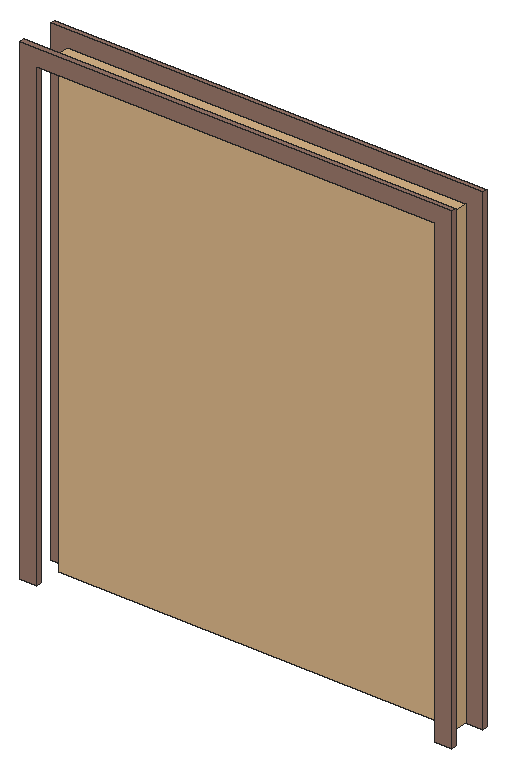
Revit family
Parameters (values of type "1830 x 2134mm")
  Thickness = 51.00 mm
  문 재료 = 문 - 패널
  프레임 재료 = 문 - 프레임
  Height = 2134.00 mm
  자르기 투영 외부 = 25.00 mm
  자르기 투영 내부 = 25.00 mm
  자르기 폭 외부 = 76.00 mm
  자르기 폭 내부 = 76.00 mm
  Wall Closure = (empty or 0)
  Width = 1830.00 mm
Types (5, lengths in mm): name | Height | Width
  1830 x 1981mm | 1981.00 | 1830.00
  1830 x 2083mm | 2083.00 | 1830.00
  1730 x 2032mm | 2032.00 | 1730.00
  1730 x 2134mm | 2134.00 | 1730.00
  1830 x 2134mm | 2134.00 | 1830.00
Reference planes
  plane 1: y = 0
  plane 2: z = 0
  plane 3 "중심": x = 0
  plane 4 "왼쪽": x = -915
  plane 5 "오른쪽": x = 915
  plane 6 "상단": z = 2134
Forms (mm)
  Extrusion 1, solid, material "문 - 프레임" <- "프레임 재료"
    sketch origin (-2286, -76.2, 0) x (1, 0, 0) y (0, 0, 1)
      loop
        line (1371, 0) -> (1371, 2134) -> (3201, 2134) -> (3201, 0) -> (3277, 0) -> (3277, 2210) -> (1295, 2210) -> (1295, 0) -> (1371, 0)
    from 0 to 25
  Extrusion 2, solid, material "문 - 패널" <- "문 재료"
    sketch origin (-2286, 177.8, 0) x (-1, 0, 0) y (0, 0, 1)
      loop
        line (-3201, 2134) -> (-3201, 0) -> (-1371, 0) -> (-1371, 2134) -> (-3201, 2134)
    from -152.6 to -101.6
  Extrusion 3, solid, material "문 - 프레임" <- "프레임 재료"
    sketch origin (-1524, 76.2, 0) x (-1, 0, 0) y (0, 0, 1)
      loop
        line (-2515, 2210) -> (-2515, 0) -> (-2439, 0) -> (-2439, 2134) -> (-609, 2134) -> (-609, 0) -> (-533, 0) -> (-533, 2210) -> (-2515, 2210)
    from 0.4 to 25.4
Lines and regions (mm)
  Opening 1
    outline origin (-2286, -76.2, 0) x (1, 0, 0) y (0, 0, 1)
      loop
        line (1371, 0) -> (3201, 0) -> (3201, 2134) -> (1371, 2134) -> (1371, 0)
  symbolic lines, style "DoorsPanelProjection"
    curve 1: line (-915, 76.2, 0) -> (-864, 76.2, 0)
    curve 2: line (-915, 76.2, 0) -> (-915, 991.2, 0)
    curve 3: line (-915, 991.2, 0) -> (-864, 991.2, 0)
    curve 4: line (-864, 76.2, 0) -> (-864, 991.2, 0)
    curve 5: line (915, 76.2, 0) -> (864, 76.2, 0)
    curve 6: line (915, 76.2, 0) -> (915, 991.2, 0)
    curve 7: line (864, 991.2, 0) -> (915, 991.2, 0)
    curve 8: line (864, 76.2, 0) -> (864, 991.2, 0)
  symbolic lines, style "파선"
    curve 9: line (-915, 25.2, 0) -> (-864, 25.2, 0)
    curve 10: line (-915, 25.2, 0) -> (-915, -889.8, 0)
    curve 11: line (-915, -889.8, 0) -> (-864, -889.8, 0)
    curve 12: line (-864, 25.2, 0) -> (-864, -889.8, 0)
    curve 13: line (915, 25.2, 0) -> (864, 25.2, 0)
    curve 14: line (915, 25.2, 0) -> (915, -889.8, 0)
    curve 15: line (915, -889.8, 0) -> (864, -889.8, 0)
    curve 16: line (864, 25.2, 0) -> (864, -889.8, 0)
    curve 21: arc (0, 25.2, 0) -> (267.997, -621.803, 0) -> (915, -889.8, 0) r 915
    curve 22: arc (0, 25.2, 0) -> (-267.997, -621.803, 0) -> (-915, -889.8, 0) r 915
  model lines, style "DoorsPanelProjection"
    curve 17: line (0, 76.2, 2134) -> (0, 76.2, 0)
    curve 18: line (0, 25.2, 2134) -> (0, 25.2, 0)
  symbolic lines, style "평면 스윙"
    curve 19: arc (0, 76.2, 0) -> (-267.997, 723.203, 0) -> (-915, 991.2, 0) r 915
    curve 20: arc (-0.353, 101.608, 0) -> (276.545, 732.623, 0) -> (915, 991.905, 0) r 915.705
  symbolic lines, style "입면도 스윙"
    curve 23: line (0, 0, 2134) -> (-915, 0, 1067)
    curve 24: line (-915, 0, 1067) -> (0, 0, 0)
    curve 25: line (0, 0, 2134) -> (915, 0, 1067)
    curve 26: line (0, 0, 0) -> (915, 0, 1067)
Text (mm)
  text "외부" at (-1503.219, 489.573, 0), in view "바닥 선"
  text "내부" at (-1503.219, -382.005, 0), in view "바닥 선"
  text "외부" at (0, 1019.848, 3124.603), in view "오른쪽"
  text "내부" at (0, -1635.541, 3124.603), in view "오른쪽"
  text "내부" at (0, -787.806, 3124.376), in view "왼쪽"
  text "외부" at (0, 1386.095, 3124.376), in view "왼쪽"
Dimensions and locks
  equal spacing: plane 4 "왼쪽", plane 3 "중심", plane 5 "오른쪽"
  "Height": plane 2 to plane 6 "상단"
  "자르기 폭 내부": Extrusion 1 sketch curve to plane 4 "왼쪽"
  "자르기 폭 내부": Extrusion 1 sketch curve to plane 5 "오른쪽"
  "자르기 폭 내부": Extrusion 1 sketch curve to plane 6 "상단"
  "자르기 투영 내부": Extrusion 1 to host wall
  "Thickness": curve 4 to curve 2
  "Thickness": curve 6 to curve 8
  "Thickness": Extrusion 2 to Extrusion 2
  "자르기 투영 외부": Extrusion 3 to Extrusion 3
  "자르기 폭 외부": plane 5 "오른쪽" to Extrusion 3 sketch curve
  "자르기 폭 외부": Extrusion 3 sketch curve to plane 4 "왼쪽"
  "자르기 폭 외부": plane 6 "상단" to Extrusion 3 sketch curve
  "Width": plane 4 "왼쪽" to plane 5 "오른쪽"
  equal spacing: level, curve 24, plane 6 "상단"
  equal spacing: level, curve 26, plane 6 "상단"
  aligned and locked: plane 4 "왼쪽" to Opening 1 sketch curve
  aligned and locked: plane 6 "상단" to Opening 1 sketch curve  (x2)
  aligned and locked: Opening 1 sketch curve to plane 5 "오른쪽"
  aligned and locked: Opening 1 sketch curve to level
  aligned and locked: plane 4 "왼쪽" to Extrusion 1 sketch curve
  aligned and locked: plane 6 "상단" to Extrusion 1 sketch curve  (x2)
  aligned and locked: plane 5 "오른쪽" to Extrusion 1 sketch curve  (x2)
  aligned and locked: level to Extrusion 1 sketch curve
  aligned and locked: Extrusion 1 sketch curve to level
  aligned and locked: plane 2 to Extrusion 1 sketch curve
  aligned and locked: Extrusion 1 to host wall
  aligned and locked: Extrusion 2 sketch curve to plane 4 "왼쪽"
  aligned and locked: curve 18 to curve 17
  aligned and locked: host wall to Extrusion 2
  aligned and locked: curve 5 to curve 16
  aligned and locked: host wall to curve 5
  aligned and locked: curve 1 to host wall
  aligned and locked: curve 1 to curve 12
  aligned and locked: curve 9 to Extrusion 2
  aligned and locked: curve 13 to Extrusion 2
  aligned and locked: curve 21 to Extrusion 2
Automatic sketch dimensions
  Extrusion 2 sketch curve to plane 6 "상단" = 0.00 mm
  Extrusion 2 sketch curve to level = 0.00 mm
  Extrusion 2 sketch curve to plane 5 "오른쪽" = 0.00 mm
  Extrusion 3 sketch curve to level = 0.00 mm  (x2)
  Extrusion 3 sketch curve to plane 5 "오른쪽" = 0.00 mm
  Extrusion 3 sketch curve to plane 4 "왼쪽" = 0.00 mm
  Extrusion 3 sketch curve to plane 6 "상단" = 0.00 mm
  curve 22 to plane 4 "왼쪽" = 0.00 mm
  curve 2 to plane 4 "왼쪽" = 0.00 mm
  curve 19 to plane 3 "중심" = 0.00 mm
  curve 22 to plane 3 "중심" = 0.00 mm
  curve 21 to plane 3 "중심" = 0.00 mm
  curve 14 to plane 5 "오른쪽" = 0.00 mm
  curve 6 to plane 5 "오른쪽" = 0.00 mm
  curve 20 to plane 5 "오른쪽" = 0.00 mm
  curve 20 to plane 3 "중심" = 0.353 mm
  curve 20 to curve 6 = 0.00 mm
  curve 19 to curve 1 = 0.00 mm
  curve 8 to curve 20 = 0.705 mm
  curve 23 to plane 3 "중심" = 0.00 mm
  curve 23 to plane 6 "상단" = 0.00 mm
  curve 18 to plane 3 "중심" = 0.00 mm
  curve 18 to plane 6 "상단" = 0.00 mm
  curve 17 to plane 6 "상단" = 0.00 mm
  curve 25 to plane 5 "오른쪽" = 0.00 mm
  curve 17 to level = 0.00 mm
  curve 18 to level = 0.00 mm
  curve 24 to level = 0.00 mm
  curve 23 to plane 4 "왼쪽" = 0.00 mm
  curve 24 to plane 3 "중심" = 0.00 mm
